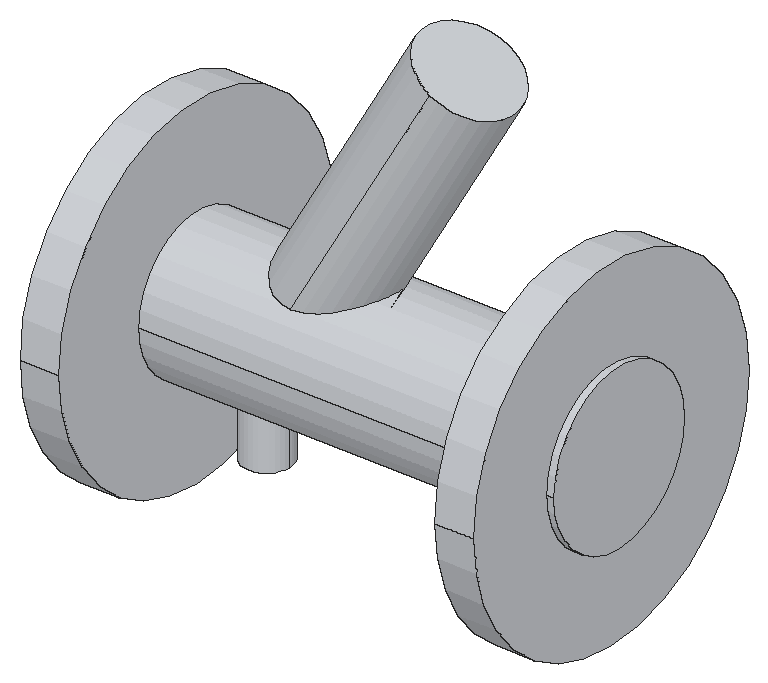
Revit family "HS 821-síto_standard-PN40-DN015-RFA_2019", category Pipe Accessories, Revit 2019
Family settings
  Round Connector Dimension = Use Diameter
  Part Type = Breaks Into
  Work Plane-Based = No
  Always vertical = Yes
  Cut with Voids When Loaded = No
  Shared = No
Parameters (values of type "821F-DN015-PN40-síto_standard")
  magiProductId = "4c7eaf3c4c0340888b3e684d8a8616"
  magiProductFamilyId = "79214ac3aaa945e397802f559f5c1e"
  magiPartTypeId = 307
  isMeasuringValve [instance] = no
  ang2D [instance] = 0.00°
  ZB__ve = -ZB  # -16.25 mm
  ZB1 = 18.225 mm
  ZB = 16.25 mm
  X2 = 46.982 mm
  X1 = 18.2 mm
  W2D = 15 mm
  VersionID = "2.0/2017.9.26.1/ZETKAMA_821_001"
  Use Minimum Symbol Size [instance] = yes
  URL = "www.hydronic.cz"
  Type Comments = "Filtr přírubový; síto standardní; A-PN16 (-10~300°C); D-PN25 (-10~350°C); F-PN40 (-10~400°C)"
  S = 45 mm
  QmdConnectorList = "301;D;302;D"
  Productdata [instance] = ""
  Manufacturer = "Hydronic Systems Prague s.r.o."
  MC Product Code = "240 615 (821F; DN015; PN40; kvs6,3; oko síta 1,00mm)"
  LM1 = 10.4 mm
  LM = 104 mm
  L4 = 32.5 mm
  L2D_Min = 3048 mm
  L2D = 130 mm
  L2 = 65 mm
  HH2 = 81.375 mm
  FD = 95 mm
  Description = "Filtr přírubový; síto standardní; 821A-PN16; 821D-PN25; 821F-PN40"
  DM1 = 27.6 mm
  DM = 40.5 mm
  D = 15 mm
  CC = 2.21 mm
  CAT0 = yes
  C1 = 10.79 mm
  C = 13 mm
  BD = 12.757 mm
Types (40, lengths in mm): name | magiProductId | ZB__ve | ZB1 | ZB | X2 | X1 | S | MC Product Code | LM1 | LM | L4 | L2 | HH2 | FD | DM1 | DM | D | CC | C1 | C | BD
  821A-DN015-PN16-síto_standard | "a71bcfe8b393460598b23e8ddf7dc5" | -16.25 | 18.63 | 16.25 | 46.982 | 18.2 | 46 | "200 115 (821A; DN015; PN16; kvs6,3; oko síta 1,00mm)" | 10.4 | 104 | 32.5 | 65 | 81.375 | 95 | 27.6 | 41.4 | 15 | 2.21 | 10.79 | 13 | 13.041
  821A-DN020-PN16-síto_standard | "41cd6c7a12924f4991217528336076" | -17.75 | 22.68 | 17.75 | 51.673 | 21 | 56 | "200 120 (821A; DN020; PN16; kvs11,2; oko síta 1,00mm)" | 12 | 120 | 37.5 | 75 | 89.5 | 105 | 33.6 | 50.4 | 20 | 2.55 | 12.45 | 15 | 15.876
  821A-DN025-PN16-síto_standard | "be378b463ed14c3abf4c9b3ae8cf3a" | -19.25 | 26.325 | 19.25 | 58.601 | 22.4 | 65 | "200 125 (821A; DN025; PN16; kvs14,7; oko síta 1,00mm)" | 12.8 | 128 | 40 | 80 | 101.5 | 115 | 43.2 | 58.5 | 25 | 2.72 | 13.28 | 16 | 18.427
  821A-DN032-PN16-síto_standard | "227a0d18b21540afabe8b6067d35fa" | -23 | 30.78 | 23 | 68.849 | 25.2 | 76 | "200 132 (821A; DN032; PN16; kvs23,7; oko síta 1,00mm)" | 14.4 | 144 | 45 | 90 | 119.25 | 140 | 50.4 | 68.4 | 32 | 3.06 | 14.94 | 18 | 21.546
  821A-DN040-PN16-síto_standard | "d106917c74724141a10440112d0102" | -24.5 | 34.02 | 24.5 | 75.777 | 28 | 84 | "200 140 (821A; DN040; PN16; kvs37,7; oko síta 1,00mm)" | 16 | 160 | 50 | 100 | 131.25 | 150 | 60 | 75.6 | 40 | 3.4 | 16.6 | 20 | 23.814
  821A-DN050-PN16-síto_standard | "8255d456a09e4f6486734f5dd9171b" | -26.75 | 40.095 | 26.75 | 79.061 | 32.2 | 99 | "200 150 (821A; DN050 PN16; kvs57,9; oko síta 1,00mm)" | 18.4 | 184 | 57.5 | 115 | 136.938 | 165 | 73.8 | 89.1 | 50 | 3.91 | 19.09 | 23 | 28.066
  821A-DN065-PN16-síto_standard | "235b1b3e4c0843779a4d5e3716d40a" | -29.75 | 47.79 | 29.75 | 86.927 | 40.6 | 118 | "200 165 (821A; DN065; PN16; kvs101,5; oko síta 1,25mm)" | 23.2 | 232 | 72.5 | 145 | 150.562 | 185 | 94.2 | 106.2 | 65 | 4.93 | 24.07 | 29 | 33.453
  821A-DN080-PN16-síto_standard | "a067f7c5236348ed8c820d16df7214" | -32 | 53.46 | 32 | 104.753 | 43.4 | 132 | "200 180 (821A; DN080; PN16; kvs147,4; oko síta 1,25mm)" | 24.8 | 248 | 77.5 | 155 | 181.438 | 200 | 107.4 | 118.8 | 80 | 5.27 | 25.73 | 31 | 37.422
  821A-DN100-PN16-síto_standard | "c49a648c2747461285837d643703cd" | -35 | 63.18 | 35 | 114.857 | 49 | 156 | "200 190 (821A; DN100; PN16; kvs209,6; oko síta 1,60mm)" | 28 | 280 | 87.5 | 175 | 198.937 | 220 | 131.4 | 140.4 | 100 | 5.95 | 29.05 | 35 | 44.226
  821A-DN125-PN16-síto_standard | "bf68e728a163493cbd2a663b26ebdc" | -39.5 | 74.52 | 39.5 | 131.888 | 56 | 184 | "200 191 (821A; DN125; PN16; kvs326,2; oko síta 1,60mm)" | 32 | 320 | 100 | 200 | 228.438 | 250 | 165 | 165.6 | 125 | 6.8 | 33.2 | 40 | 52.164
  821A-DN150-PN16-síto_standard | "2de770284b654863ae6bc865769dc5" | -44.75 | 85.455 | 44.75 | 155.885 | 67.2 | 211 | "200 192 (821A; DN150; PN16; kvs403; oko síta 1,60mm)" | 38.4 | 384 | 120 | 240 | 270 | 285 | 192 | 189.9 | 150 | 8.16 | 39.84 | 48 | 59.818
  821A-DN200-PN16-síto_standard | "8e5693371ab64aabb29a7f08c76e15" | -53 | 107.73 | 53 | 188.361 | 84 | 266 | "200 193 (821A; DN200; PN16; kvs707; oko síta 1,60mm)" | 48 | 480 | 150 | 300 | 326.25 | 340 | 252 | 239.4 | 200 | 10.2 | 49.8 | 60 | 75.411
  821A-DN250-PN16-síto_standard | "05e37ed948c34047acdd4c42556504" | -62.75 | 129.195 | 62.75 | 255.911 | 102.2 | 319 | "200 194 (821A; DN250; PN16; kvs1234; oko síta 1,60mm)" | 58.4 | 584 | 182.5 | 365 | 443.25 | 405 | 309.6 | 287.1 | 250 | 12.41 | 60.59 | 73 | 90.436
  821A-DN300-PN16-síto_standard | "9ad0af747269428da925480d83ce80" | -71 | 149.85 | 71 | 325.914 | 119 | 370 | "200 195 (821A; DN300; PN16; kvs1916; oko síta 1,60mm)" | 68 | 680 | 212.5 | 425 | 564.5 | 460 | 369.6 | 333 | 300 | 14.45 | 70.55 | 85 | 104.895
  821A-DN350-PN16-síto_standard | "eebc71459bb3451bb4355e7951370a" | -80 | 173.745 | 80 | 356.875 | 137.2 | 429 | "200 196 (821A; DN350; PN16; kvs2621; oko síta 1,60mm)" | 78.4 | 784 | 245 | 490 | 618.125 | 520 | 438 | 386.1 | 350 | 16.66 | 81.34 | 98 | 121.621
  821A-DN400-PN16-síto_standard | "d2f677cb196647e385b2590e7d8abe" | -89 | 194.4 | 89 | 392.237 | 154 | 480 | "200 197 (821A; DN400; PN16; kvs3460; oko síta 1,60mm)" | 88 | 880 | 275 | 550 | 679.375 | 580 | 498 | 432 | 400 | 18.7 | 91.3 | 110 | 136.08
  821D-DN015-PN25-síto_standard | "27ddcbf555414f8ca1fde329bf9087" | -16.25 | 18.63 | 16.25 | 46.982 | 18.2 | 46 | "200 215 (821D; DN015; PN25; kvs6,3; oko síta 1,00mm)" | 10.4 | 104 | 32.5 | 65 | 81.375 | 95 | 27.6 | 41.4 | 15 | 2.21 | 10.79 | 13 | 13.041
  821D-DN020-PN25-síto_standard | "270e0f14012f47189cd0235c18faee" | -17.75 | 22.68 | 17.75 | 51.673 | 21 | 56 | "200 220 (821D; DN020; PN25; kvs11,2; oko síta 1,00mm)" | 12 | 120 | 37.5 | 75 | 89.5 | 105 | 33.6 | 50.4 | 20 | 2.55 | 12.45 | 15 | 15.876
  821D-DN025-PN25-síto_standard | "b9a7fb4aa36643878c637d8e1ab992" | -19.25 | 26.325 | 19.25 | 58.601 | 22.4 | 65 | "200 225 (821D; DN025; PN25; kvs14,7; oko síta 1,00mm)" | 12.8 | 128 | 40 | 80 | 101.5 | 115 | 43.2 | 58.5 | 25 | 2.72 | 13.28 | 16 | 18.427
  821D-DN032-PN25-síto_standard | "6be9a55c4e68400f94eec7e804204c" | -23 | 30.78 | 23 | 68.849 | 25.2 | 76 | "200 232 (821D; DN032; PN25; kvs23,7; oko síta 1,00mm)" | 14.4 | 144 | 45 | 90 | 119.25 | 140 | 50.4 | 68.4 | 32 | 3.06 | 14.94 | 18 | 21.546
  821D-DN040-PN25-síto_standard | "c54511bd7f584ec2984291479612cb" | -24.5 | 34.02 | 24.5 | 75.777 | 28 | 84 | "200 240 (821D; DN040; PN25; kvs37,7; oko síta 1,00mm)" | 16 | 160 | 50 | 100 | 131.25 | 150 | 60 | 75.6 | 40 | 3.4 | 16.6 | 20 | 23.814
  821D-DN050-PN25-síto_standard | "5483b1f596b04cd39b23a14a22c90e" | -26.75 | 40.095 | 26.75 | 79.061 | 32.2 | 99 | "200 250 (821D; DN050; PN25; kvs57,9; oko síta 1,00mm)" | 18.4 | 184 | 57.5 | 115 | 136.938 | 165 | 73.8 | 89.1 | 50 | 3.91 | 19.09 | 23 | 28.066
  821D-DN065-PN25-síto_standard | "767b0f8318e94750bc7a9930ed5b30" | -29.75 | 47.79 | 29.75 | 86.927 | 40.6 | 118 | "200 265 (821D; DN065; PN25; kvs101,5; oko síta 1,25mm)" | 23.2 | 232 | 72.5 | 145 | 150.562 | 185 | 94.2 | 106.2 | 65 | 4.93 | 24.07 | 29 | 33.453
  821D-DN080-PN25-síto_standard | "e21040fa3cc2404b858198f6b73709" | -32 | 53.46 | 32 | 104.753 | 43.4 | 132 | "200 280 (821D; DN080; PN25; kvs147,4; oko síta 1,25mm)" | 24.8 | 248 | 77.5 | 155 | 181.438 | 200 | 107.4 | 118.8 | 80 | 5.27 | 25.73 | 31 | 37.422
  821D-DN100-PN25-síto_standard | "175ca87a506b40b3bc6b82f12f33cf" | -37.25 | 63.18 | 37.25 | 114.857 | 49 | 156 | "200 290 (821D; DN100; PN25; kvs209,6; oko síta 1,60mm)" | 28 | 280 | 87.5 | 175 | 198.937 | 235 | 131.4 | 140.4 | 100 | 5.95 | 29.05 | 35 | 44.226
  821D-DN125-PN25-síto_standard | "77cc98d60da24855999a22dff726b2" | -42.5 | 74.52 | 42.5 | 131.888 | 56 | 184 | "200 291 (821D; DN125; PN25; kvs326,2; oko síta 1,60mm)" | 32 | 320 | 100 | 200 | 228.438 | 270 | 165 | 165.6 | 125 | 6.8 | 33.2 | 40 | 52.164
  821D-DN150-PN25-síto_standard | "9cf8acfcd15547d68e83172d3abcbe" | -47 | 85.455 | 47 | 155.885 | 67.2 | 211 | "200 292 (821D; DN150; PN25; kvs403; oko síta 1,60mm)" | 38.4 | 384 | 120 | 240 | 270 | 300 | 192 | 189.9 | 150 | 8.16 | 39.84 | 48 | 59.818
  821D-DN200-PN25-síto_standard | "16973f3c9ea14389ba8602495a6b64" | -56 | 110.97 | 56 | 188.361 | 84 | 274 | "200 293 (821D; DN200; PN25; kvs707; oko síta 1,60mm)" | 48 | 480 | 150 | 300 | 326.25 | 360 | 252 | 246.6 | 200 | 10.2 | 49.8 | 60 | 77.679
  821F-DN015-PN40-síto_standard | "4c7eaf3c4c0340888b3e684d8a8616" | -16.25 | 18.225 | 16.25 | 46.982 | 18.2 | 45 | "240 615 (821F; DN015; PN40; kvs6,3; oko síta 1,00mm)" | 10.4 | 104 | 32.5 | 65 | 81.375 | 95 | 27.6 | 40.5 | 15 | 2.21 | 10.79 | 13 | 12.757
  821F-DN020-PN40-síto_standard | "aaac5f1ec96b44d6ba96ac2293d66d" | -17.75 | 23.49 | 17.75 | 51.673 | 21 | 58 | "240 620 (821F; DN020; PN40; kvs11,2; oko síta 1,00mm)" | 12 | 120 | 37.5 | 75 | 89.5 | 105 | 33.6 | 52.2 | 20 | 2.55 | 12.45 | 15 | 16.443
  821F-DN025-PN40-síto_standard | "504768023968471481789485b54c7e" | -19.25 | 27.54 | 19.25 | 58.601 | 22.4 | 68 | "240 625 (821F; DN025; PN40; kvs14,7; oko síta 1,00mm)" | 12.8 | 128 | 40 | 80 | 101.5 | 115 | 43.2 | 61.2 | 25 | 2.72 | 13.28 | 16 | 19.278
  821F-DN032-PN40-síto_standard | "165e7f39cf744f329bdf1c400dad12" | -23 | 31.59 | 23 | 68.849 | 25.2 | 78 | "240 632 (821F; DN032; PN40; kvs23,7; oko síta 1,00mm)" | 14.4 | 144 | 45 | 90 | 119.25 | 140 | 50.4 | 70.2 | 32 | 3.06 | 14.94 | 18 | 22.113
  821F-DN040-PN40-síto_standard | "b8903f952089408fbf3a5a632bab1f" | -24.5 | 35.64 | 24.5 | 75.777 | 28 | 88 | "240 640 (821F; DN040; PN40; kvs37,7; oko síta 1,00mm)" | 16 | 160 | 50 | 100 | 131.25 | 150 | 60 | 79.2 | 40 | 3.4 | 16.6 | 20 | 24.948
  821F-DN050-PN40-síto_standard | "c451f97266fe48da8f879cb6a2bd44" | -26.75 | 41.31 | 26.75 | 79.061 | 32.2 | 102 | "240 650 (821F; DN050; PN40; kvs57,9; oko síta 1,00mm)" | 18.4 | 184 | 57.5 | 115 | 136.938 | 165 | 73.8 | 91.8 | 50 | 3.91 | 19.09 | 23 | 28.917
  821F-DN065-PN40-síto_standard | "dc9821e3f9b34e128f6a8c6b34c198" | -29.75 | 49.41 | 29.75 | 86.927 | 40.6 | 122 | "240 665 (821F; DN065; PN40; kvs101,5; oko síta 1,25mm)" | 23.2 | 232 | 72.5 | 145 | 150.562 | 185 | 94.2 | 109.8 | 65 | 4.93 | 24.07 | 29 | 34.587
  821F-DN080-PN40-síto_standard | "689aa1e260f84cf4994f027a1d86b5" | -32 | 55.89 | 32 | 104.753 | 43.4 | 138 | "240 680 (821F; DN080; PN40; kvs147,4; oko síta 1,25mm)" | 24.8 | 248 | 77.5 | 155 | 181.438 | 200 | 107.4 | 124.2 | 80 | 5.27 | 25.73 | 31 | 39.123
  821F-DN100-PN40-síto_standard | "8a45d4e8e2ab425f8c432f21d684f3" | -37.25 | 65.61 | 37.25 | 114.857 | 49 | 162 | "240 690 (821F; DN100; PN40; kvs209,6; oko síta 1,6mm)" | 28 | 280 | 87.5 | 175 | 198.937 | 235 | 131.4 | 145.8 | 100 | 5.95 | 29.05 | 35 | 45.927
  821F-DN125-PN40-síto_standard | "cf073904c006406b8645afa67ea2fc" | -42.5 | 76.14 | 42.5 | 131.888 | 56 | 188 | "240 691 (821F; DN125; PN40; kvs326,2; oko síta 1,6mm)" | 32 | 320 | 100 | 200 | 228.438 | 270 | 165 | 169.2 | 125 | 6.8 | 33.2 | 40 | 53.298
  821F-DN150-PN40-síto_standard | "0153b9ddabe14992a630484929fdbc" | -47 | 88.29 | 47 | 155.885 | 67.2 | 218 | "240 692 (821F; DN150; PN40; kvs403; oko síta 1,6mm)" | 38.4 | 384 | 120 | 240 | 270 | 300 | 192 | 196.2 | 150 | 8.16 | 39.84 | 48 | 61.803
  821F-DN200-PN40-síto_standard | "7fb3fc01dd8d42428c203e3f8dd4d5" | -56 | 115.425 | 56 | 188.361 | 84 | 285 | "240 693 (821F; DN200; PN40; kvs707; oko síta 1,6mm)" | 48 | 480 | 150 | 300 | 326.25 | 360 | 252 | 256.5 | 200 | 10.2 | 49.8 | 60 | 80.797
Reference planes
  plane 1 "Center (Front/Back)": y = 0
  plane 2 "XYPLANE": z = 0
  plane 3 "Center (Left/Right)": x = 0
  plane 4 "109": x = -41.6
  plane 5 "108": x = 52
  plane 6 "107": x = -52
  plane 7 "105": x = 65
  plane 8 "104": x = -65
  plane 9 "103": y = 0
  plane 10 "102": z = 0
  plane 11 "101": x = -62.79
  plane 12 "100": x = 62.79
  plane 13 "11": x = -23.4
  plane 14 "10": z = 81.375
  plane 15 "9": x = 23.582
  plane 16 "5": z = -18.225
  plane 17 "4": x = -32.5
  plane 18 "1": x = 32.5
Forms (mm)
  Extrusion 1, solid, visible <- "CAT0"
    sketch origin (-52, -750, 0) x (0, 1, 0) y (0, 0, 1)
      loop
        circle (750, 0) r 20.25
    from 0 to 104 <- "LM"
  Extrusion 2, solid
    sketch origin (-65, -750, 0) x (0, 1, 0) y (0, 0, 1)
      loop
        circle (750, 0) r 22.5
    from 0 to 2.21 <- "CC"
  Extrusion 3, solid
    sketch origin (-62.79, -750, 0) x (0, 1, 0) y (0, 0, 1)
      loop
        circle (750, 0) r 47.5
    from 0 to 10.79 <- "C1"
  Extrusion 4, solid
    sketch origin (52, -750, 0) x (0, 1, 0) y (0, 0, 1)
      loop
        circle (750, 0) r 47.5
    from 0 to 10.79 <- "C1"
  Extrusion 5, solid
    sketch origin (62.79, -750, 0) x (0, 1, 0) y (0, 0, 1)
      loop
        circle (750, 0) r 22.5
    from 0 to 2.21 <- "CC"
  Sweep 6, solid, visible <- "CAT0"
    path origin (750, 0, 0) x (-1, 0, 0) y (0, 0, 1)
      loop
        line (802, 0) -> (773.4, 0) -> (726.418, 81.375)
    profile origin (-52, 0, 0) x (0, 0, -1) y (0, 1, 0)
      loop
        circle (0, 0) r 13.8
  Extrusion 7, solid, visible <- "CAT0"
    sketch origin (-750, 0, -18.225) x (1, 0, 0) y (0, 1, 0)
      loop
        circle (717.5, 0) r 6.379
    from 0 to -16.25 <- "ZB__ve"
  Extrusion 8, solid, visible <- "CAT0"
    sketch origin (-750, 0, -18.225) x (1, 0, 0) y (0, 1, 0)
      loop
        circle (782.5, 0) r 6.379
    from 0 to -16.25 <- "ZB__ve"
  Extrusion 9, solid, not visible
    sketch origin (65, -750, 0) x (0, 1, 0) y (0, 0, 1)
      loop
        circle (750, 0) r 10
    from 0 to -10
  Extrusion 10, solid, not visible
    sketch origin (-65, -750, 0) x (0, 1, 0) y (0, 0, 1)
      loop
        circle (750, 0) r 10
    from 0 to 10
Lines and regions (mm)
  reference lines, not visible
    curve 1: circle (2, 2, 0) r 1 normal (0, 0, 1)
Dimensions and locks
  plane 1 "Center (Front/Back)" to curve 1 = 2 mm
  "LM1": plane 6 "107" to plane 4 "109"
  "LM": plane 6 "107" to plane 5 "108"
  "C": plane 8 "104" to plane 6 "107"
  "L2": plane 3 "Center (Left/Right)" to plane 7 "105"
  "L2": plane 3 "Center (Left/Right)" to plane 8 "104"
  locked: plane 1 "Center (Front/Back)" to plane 9 "103"
  locked: plane 2 "XYPLANE" to plane 10 "102"
  "CC": plane 8 "104" to plane 11 "101"
  "C1": plane 5 "108" to plane 12 "100"
  "X1": plane 4 "109" to plane 13 "11"
  "HH2": plane 2 "XYPLANE" to plane 14 "10"
  "X2": plane 13 "11" to plane 15 "9"
  "ZB1": plane 2 "XYPLANE" to plane 16 "5"
  "L4": plane 8 "104" to plane 17 "4"
  "L2": plane 17 "4" to plane 18 "1"
  Sweep 6 sketch curve to Sweep 6 sketch curve = 0 mm  (x2)
  "DM": diameter of Extrusion 1 sketch curve
  "S": diameter of Extrusion 2 sketch curve
  "FD": diameter of Extrusion 3 sketch curve
  "FD": diameter of Extrusion 4 sketch curve
  "S": diameter of Extrusion 5 sketch curve
  "DM1": diameter of Sweep 6 sketch curve
  "BD": diameter of Extrusion 7 sketch curve
  "BD": diameter of Extrusion 8 sketch curve
  aligned and locked: level to plane 2 "XYPLANE"
  aligned and locked: Extrusion 1 sketch curve to plane 9 "103"
  aligned and locked: plane 10 "102" to Extrusion 1 sketch curve
  aligned and locked: Extrusion 2 sketch curve to plane 9 "103"
  aligned and locked: plane 10 "102" to Extrusion 2 sketch curve
  aligned and locked: Extrusion 3 sketch curve to plane 9 "103"
  aligned and locked: plane 10 "102" to Extrusion 3 sketch curve
  aligned and locked: Extrusion 4 sketch curve to plane 9 "103"
  aligned and locked: plane 10 "102" to Extrusion 4 sketch curve
  aligned and locked: Extrusion 5 sketch curve to plane 9 "103"
  aligned and locked: plane 10 "102" to Extrusion 5 sketch curve
  aligned and locked: Sweep 6 sketch curve to plane 9 "103"
  aligned and locked: plane 10 "102" to Sweep 6 sketch curve  (x3)
  aligned and locked: plane 6 "107" to Sweep 6 sketch curve
  aligned and locked: plane 13 "11" to Sweep 6 sketch curve
  aligned and locked: plane 14 "10" to Sweep 6 sketch curve
  aligned and locked: plane 15 "9" to Sweep 6 sketch curve
  aligned and locked: plane 9 "103" to Extrusion 7 sketch curve
  aligned and locked: plane 17 "4" to Extrusion 7 sketch curve
  aligned and locked: plane 9 "103" to Extrusion 8 sketch curve
  aligned and locked: plane 18 "1" to Extrusion 8 sketch curve
  aligned and locked: Extrusion 9 sketch curve to plane 9 "103"
  aligned and locked: plane 10 "102" to Extrusion 9 sketch curve
  aligned and locked: Extrusion 10 sketch curve to plane 9 "103"
  aligned and locked: plane 10 "102" to Extrusion 10 sketch curve
Automatic sketch dimensions
  plane 1 "Center (Front/Back)" to Extrusion 9 sketch curve = 10 mm
  plane 1 "Center (Front/Back)" to Extrusion 10 sketch curve = 10 mm
  plane 3 "Center (Left/Right)" to curve 1 = 2 mm
  radius of curve 1 = 1 mm
Connectors
  piping at (-65, 0, 0), diameter 15, driven by "D"
    settings: on Extrusion 10, index 1, connector inside diameter 609.6 mm, connector length 0 mm, flow factor 0, pipe flow 0.0 L/s, pressure drop 0.0 Pa, fitting loss kfactor 0, connector angle 0.00°, fixture units 0, engagement length 0 mm, angle of deflection 0.00°, flow configuration 0, flow direction 0, fitting loss method 0, system type 29, joint type 0, gender type 0, connector reference index 2, connector utility 0, adjustable connector no, is connector primary yes, connector description ""
  piping at (65, 0, 0), diameter 15, driven by "D"
    settings: on Extrusion 9, index 2, connector inside diameter 609.6 mm, connector length 0 mm, flow factor 0, pipe flow 0.0 L/s, pressure drop 0.0 Pa, fitting loss kfactor 0, connector angle 0.00°, fixture units 0, engagement length 0 mm, angle of deflection 0.00°, flow configuration 0, flow direction 0, fitting loss method 0, system type 29, joint type 0, gender type 0, connector reference index 1, connector utility 0, adjustable connector no, is connector primary no, connector description ""
